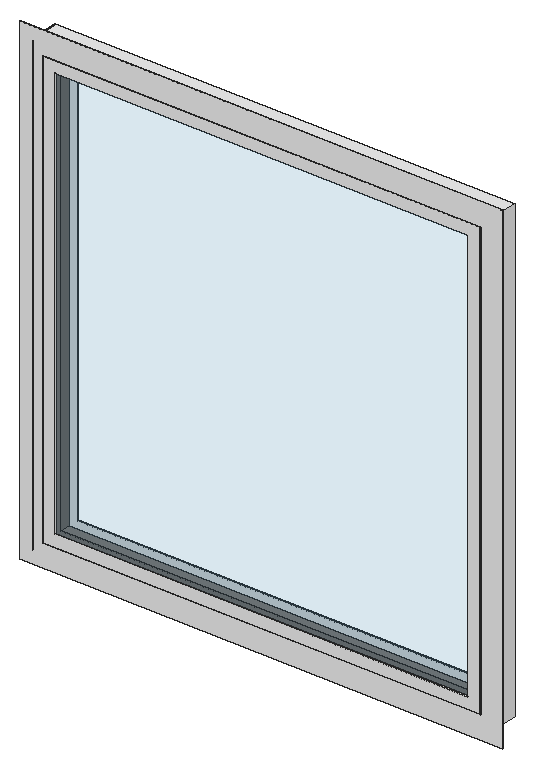
Revit family "Casement_30.5_H_Top_Hung_Custom", category Windows, host Wall, Revit 2014
Parameters (values of type "Casement_Sash_DG")
  Width Sash [instance] = 30 mm
  Width Sash Inner = 15 mm
  Width Bead = 15 mm
  Top Hung [instance] = yes
  Side Hung Right [instance] = yes
  Side Hung Left [instance] = yes
  Sash Opening Width [instance] = 600 mm
  Sash Opening Height [instance] = 600.312 mm
  Sash Lip = 15 mm
  Glazing Material [instance] = Glass
  DG Start Piece 2 [instance] = DG End Piece 1 + DG Gasket Thickness  # 25 mm
  DG Start Peice 1 [instance] = (Depth Sash - (2 * DG Glazing Thickness) - DG Gasket Thickness) / 2  # 6.6 mm
  Glazing Offset = 5 mm
  DG Glazing Thickness [instance] = 6.4 mm
  DG Gasket Thickness = 12 mm  # constant formula
  DG Gasket Material [instance] = Double Glazing Gasket Material
  DG End Piece 2 [instance] = DG Start Piece 2 + DG Glazing Thickness  # 31.4 mm
  DG End Piece 1 [instance] = DG Start Peice 1 + DG Glazing Thickness  # 13 mm
  Depth Sash [instance] = 38 mm
  Center Vertical Sash [instance] = Sash Opening Height / 2  # 300.156 mm
  Center Horizontal Sash [instance] = Sash Opening Width / 2  # 300 mm
  Bottom Hung [instance] = yes
  Bead Offset = 15 mm
  Aluminium Thickness = 1 mm
  Aluminium Material [instance] = White Powder Coated Aluminium
Reference planes
  plane 1 "Center (Front/Back)": y = 0
  plane 2: z = 0
  plane 3 "Center (Left/Right)": x = 0
Forms (mm)
  Sweep 1, solid, material "White Powder Coated Aluminium" <- "Aluminium Material"
    path origin (16.177, 0, 121.331) x (1, 0, 0) y (0, 0, 1)
      loop
        line (0, 0) -> (600, 0) -> (600, 600.312) -> (0, 600.312) -> (0, 0)
    profile origin (316.177, 0, 121.331) x (0, 0, 1) y (0, -1, 0)
      loop
        line (0, 0) -> (30, 0) -> (30, 1) -> (15, 1) -> (15, 38) -> (-15, 38) -> (-15, 37) -> (0, 37) -> (0, 0)
      loop
        line (14, 1) -> (14, 37) -> (1, 37) -> (1, 1) -> (14, 1)
  Sweep 2, solid, material "White Powder Coated Aluminium" <- "Aluminium Material"
    path origin (0, 0, 0) x (1, 0, 0) y (0, 0, 1)
      loop
        line (31.177, 706.643) -> (31.177, 136.331) -> (601.177, 136.331) -> (601.177, 706.643) -> (31.177, 706.643)
    profile origin (316.177, 0, 706.643) x (0, 0, 1) y (0, -1, 0)
      loop
        line (0, 37) -> (0, 38) -> (-15, 38) -> (-15, 37) -> (0, 37)
  Extrusion 3, solid, material "Glass" <- "Glazing Material"
    sketch origin (0, 0, 0) x (1, 0, 0) y (0, 0, 1)
      loop
        line (36.177, 701.643) -> (36.177, 141.331) -> (596.177, 141.331) -> (596.177, 701.643) -> (36.177, 701.643)
    from 6.6 <- "DG Start Peice 1" to 13 <- "DG End Piece 1"
  Extrusion 4, solid, material "Glass" <- "Glazing Material"
    sketch origin (0, 0, 0) x (1, 0, 0) y (0, 0, 1)
      loop
        line (36.177, 701.643) -> (36.177, 141.331) -> (596.177, 141.331) -> (596.177, 701.643) -> (36.177, 701.643)
    from 31.4 <- "DG End Piece 2" to 25 <- "DG Start Piece 2"
  Sweep 5, solid, material "Double Glazing Gasket Material" <- "DG Gasket Material"
    path origin (0, -13, 0) x (1, 0, 0) y (0, 0, 1)
      loop
        line (36.177, 701.643) -> (36.177, 141.331) -> (596.177, 141.331) -> (596.177, 701.643) -> (36.177, 701.643)
    profile origin (316.177, -13, 701.643) x (0, 0, 1) y (0, -1, 0)
      loop
        line (0, 0) -> (0, 12) -> (-7.96, 12) -> (-7.96, 0) -> (0, 0)
Lines and regions (mm)
  model lines
    curve 1: line (1.177, -38, 736.643) -> (31.177, -38, 706.643)
    curve 2: line (601.177, -38, 706.643) -> (631.177, -38, 736.643)
    curve 3: line (601.177, -38, 136.331) -> (631.177, -38, 106.331)
    curve 4: line (1.177, -38, 106.331) -> (31.177, -38, 136.331)
    curve 5: line (631.177, -37, 736.643) -> (616.177, -37, 721.643)
    curve 6: line (1.177, -37, 736.643) -> (16.177, -37, 721.643)
    curve 7: line (1.177, -37, 106.331) -> (16.177, -37, 121.331)
    curve 8: line (631.177, -37, 106.331) -> (616.177, -37, 121.331)
    curve 9: line (616.177, 0, 121.331) -> (586.177, 0, 151.331)
    curve 10: line (46.177, 0, 151.331) -> (16.177, 0, 121.331)
    curve 11: line (616.177, 0, 721.643) -> (586.177, 0, 691.643)
    curve 12: line (46.177, 0, 691.643) -> (16.177, 0, 721.643)
    curve 13: line (31.177, -38, 691.643) -> (46.177, -38, 691.643)
    curve 14: line (586.177, -38, 691.643) -> (601.177, -38, 691.643)
    curve 15: line (586.177, -38, 151.331) -> (601.177, -38, 151.331)
    curve 16: line (31.177, -38, 151.331) -> (46.177, -38, 151.331)
  model lines, style "GenericModelHiddenLines", visible <- "Top Hung"
    curve 17: line (46.386, -31.4, 690.914) -> (316.177, -31.4, 151.331)
    curve 18: line (316.177, -31.4, 151.331) -> (586.177, -31.4, 691.331)
  model lines, style "GenericModelHiddenLines", visible <- "Bottom Hung"
    curve 19: line (46.177, -31.4, 151.331) -> (316.177, -31.4, 691.331)
    curve 20: line (316.177, -31.4, 691.331) -> (586.177, -31.4, 151.331)
  model lines, style "GenericModelHiddenLines", visible <- "Side Hung Left"
    curve 21: line (46.386, -31.4, 690.914) -> (585.24, -31.4, 421.487)
    curve 22: line (585.24, -31.4, 421.487) -> (46.177, -31.4, 151.331)
  model lines, style "GenericModelHiddenLines", visible <- "Side Hung Right"
    curve 23: line (586.177, -31.4, 691.331) -> (46.177, -31.4, 421.487)
    curve 24: line (46.177, -31.4, 421.487) -> (586.177, -31.4, 151.331)
Dimensions and locks
  "Aluminium Thickness": Sweep 1 sketch curve to Sweep 1 sketch curve  (x4)
  "Depth Sash": Sweep 1 sketch curve to Sweep 1 sketch curve
  "Sash Opening Width": Sweep 1 to Sweep 1
  "Sash Opening Height": Sweep 1 to Sweep 1
  "Width Sash": Sweep 1 sketch curve to Sweep 1 sketch curve  (x2)
  "Width Sash Inner": Sweep 1 sketch curve to Sweep 1 sketch curve
  "Sash Lip": Sweep 1 sketch curve to Sweep 1 sketch curve
  "Aluminium Thickness": Sweep 1 to Sweep 2 sketch curve
  "Glazing Offset": Sweep 2 to Extrusion 3 sketch curve  (x3)
  "Glazing Offset": Extrusion 3 sketch curve to Sweep 2
  Sweep 1 to Sweep 1 = 1 mm
  "Aluminium Thickness": Sweep 2 sketch curve to Sweep 2 sketch curve
  "Width Bead": Sweep 2 sketch curve to Sweep 2 sketch curve
  locked: Sweep 5 sketch curve to Sweep 5 sketch curve at 7.96
  "Center Horizontal Sash": Sweep 1 to curve 18
  "Center Horizontal Sash": Sweep 1 to curve 20
  "Center Vertical Sash": Sweep 1 to curve 22
  "Center Vertical Sash": Sweep 1 to curve 24
  aligned and locked: level to plane 2
  aligned and locked: Sweep 1 sketch curve to Sweep 1 sketch curve  (x2)
  aligned and locked: Sweep 2 sketch curve to Sweep 1  (x5)
  aligned and locked: Extrusion 4 sketch curve to Extrusion 3  (x4)
  aligned and locked: Sweep 5 sketch curve to Extrusion 3  (x5)
  aligned and locked: Extrusion 3 to Sweep 5 sketch curve
Automatic sketch dimensions
  plane 3 "Center (Left/Right)" to Sweep 1 sketch curve = 16.177 mm
  level to Sweep 1 sketch curve = 121.331 mm
  plane 3 "Center (Left/Right)" to Sweep 1 sketch curve = 616.177 mm
  level to Sweep 1 sketch curve = 721.643 mm
  profile plane to Sweep 5 sketch curve = 12 mm
  curve 7 to Sweep 1 = 0 mm  (x4)
  curve 6 to Sweep 1 = 0 mm  (x3)
  Sweep 1 to curve 6 = 0 mm
  curve 5 to Sweep 1 = 0 mm  (x3)
  curve 8 to Sweep 1 = 0 mm  (x4)
  Sweep 1 to curve 5 = 0 mm
  curve 16 to Sweep 2 = 0 mm  (x3)
  curve 13 to Sweep 2 = 0 mm  (x3)
  curve 15 to Sweep 2 = 0 mm
  Sweep 2 to curve 15 = 0 mm  (x2)
  curve 14 to Sweep 2 = 0 mm  (x2)
  Sweep 2 to curve 14 = 0 mm
  curve 1 to Sweep 1 = 0 mm  (x4)
  curve 4 to Sweep 1 = 0 mm  (x3)
  Sweep 1 to curve 4 = 0 mm
  curve 3 to Sweep 1 = 0 mm  (x3)
  curve 2 to Sweep 1 = 0 mm  (x4)
  Sweep 1 to curve 3 = 0 mm
  curve 10 to Sweep 1 = 0 mm  (x4)
  curve 12 to Sweep 1 = 0 mm  (x3)
  Sweep 1 to curve 12 = 0 mm
  curve 9 to Sweep 1 = 0 mm  (x4)
  curve 11 to Sweep 1 = 0 mm  (x3)
  Sweep 1 to curve 11 = 0 mm
  Sweep 1 sketch curve to plane 1 "Center (Front/Back)" = 0 mm
  profile plane to Sweep 1 sketch curve = 0 mm
  curve 21 to Extrusion 4 = 10.208 mm
  curve 19 to Extrusion 4 = 10 mm
  curve 23 to Extrusion 4 = 10 mm  (x2)
  curve 22 to Extrusion 4 = 10.937 mm
  curve 20 to Extrusion 4 = 10 mm
  curve 24 to Extrusion 4 = 10 mm
  curve 22 to Extrusion 4 = 10 mm
  curve 18 to Extrusion 4 = 10 mm
  curve 21 to Extrusion 4 = 10.729 mm
  curve 19 to Extrusion 4 = 10.312 mm
  curve 18 to Extrusion 4 = 10.312 mm
